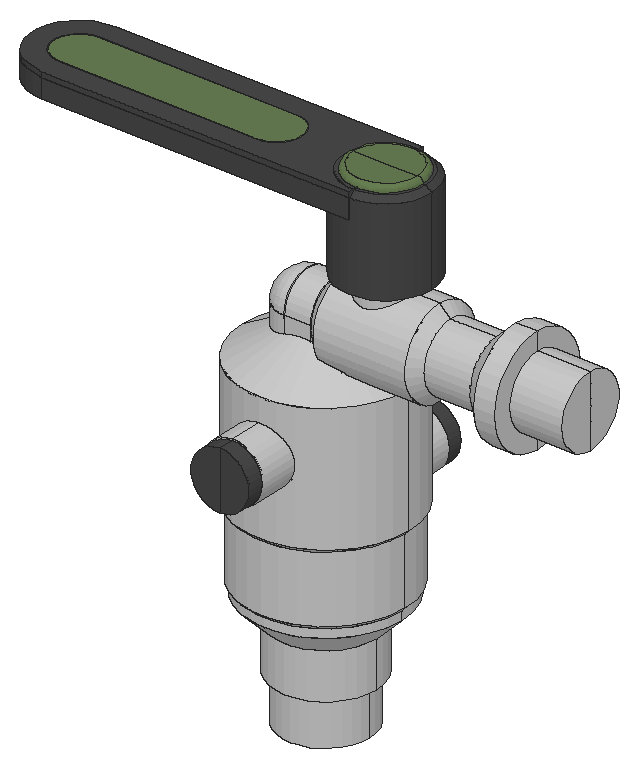
Revit family "Entnahmearmatur mit Systemtrenner 0300", category Rohrzubehör, Revit 2020
Family settings
  Bemaßung runder Anschluss = Durchmesser verwenden
  Teiletyp = Unterbricht
  OmniClass-Nummer = 23.65.55.14
  OmniClass-Titel = Valves for Liquid Services
  Arbeitsebenenbasiert = Nein
  Immer vertikal = Ja
  Beim Laden mit Abzugskörper schneiden = Nein
  Gemeinsam genutzt = Nein
Parameters (values of type "DN20 auf DN25")
  Vorgabe-Ansicht = 0.000 mm
  Max. zulässige Betriebstemperatur (kurzzeitig) = 80 °C  # constant formula
  Max. Betriebstemperatur = 65 °C  # constant formula
  W02 = 60.00°  # constant formula
  W01 = 45.00°  # constant formula
  URL = "www.herz-armaturen.at"
  Systemtrenner-Kartusche = "hochwertiger, kalkabweisender Kunststoff"  # constant formula
  STL02 = 37.500 mm  # constant formula
  STL01 = 33.000 mm  # constant formula
  STD02 = 8.200 mm  # constant formula
  STD01 = 8.500 mm  # constant formula
  SCTWSEQ = "AW;SBT_TYP_AW=\"104\";2"
  SCTWCODE = "04;12;02"  # constant formula
  S05 = R03 - 2.000 mm  # 10.400 mm
  S04 = 33.000 mm  # constant formula
  S03 = 25.000 mm  # constant formula
  S02 = 45.000 mm  # constant formula
  S01 = 13.000 mm  # constant formula
  R09 = 13.000 mm  # constant formula
  R05 = 8.000 mm  # constant formula
  R04 = 8.500 mm  # constant formula
  R03 = 12.400 mm  # constant formula
  R02 = 9.500 mm  # constant formula
  R01 = 15.000 mm  # constant formula
  NennweiteEin [instance] = if([15_20], 15.000 mm, if([20_20], 20.000 mm, if([20_25], 20.000 mm, 0.000 mm)))  # 20.000 mm
  NennweiteAus [instance] = if([15_20], 20.000 mm, if([20_20], 20.000 mm, if([20_25], 25.000 mm, 0.000 mm)))  # 25.000 mm
  Nenndruck = 1000000.0 Pa  # constant formula
  Medium = "Wasser (ohne Dampf)"  # constant formula
  LO01 = 34.500 mm  # constant formula
  L11 = 77.500 mm  # constant formula
  L10 = 57.500 mm  # constant formula
  L09 = 58.000 mm  # constant formula
  L08 = 2.500 mm  # constant formula
  L07 = 26.000 mm  # constant formula
  L06 = 6.000 mm  # constant formula
  L05 = 15.000 mm  # constant formula
  L04 = 5.000 mm  # constant formula
  L03 = 100.000 mm  # constant formula
  L02 = 58.000 mm  # constant formula
  L01 = 75.000 mm  # constant formula
  Hinweis = "Gemäß Art 33 der REACH-Verordnung (EG Nr. 1907/2006) sind wir verpflichtet, darauf hinzuweisen, dass der Stoff Blei auf der SVHC-Liste geführt wird und dass alle aus Messing bestehenden Bauteile, die in unseren Erzeugnissen verarbeitet sind, mehr als 0,1 % (w/w) Blei (CAS: 7439-92-1 / EINECS: 231-100-4) enthalten.\r\nDa Blei als Legierungsbestandteil fest gebunden ist, sind keine Expositionen zu erwarten und daher sind keine zusätzlichen Angaben zur sicheren Verwendung notwendig."
  Hersteller = "HERZ Armaturen Ges.m.b.H."  # constant formula
  H08 = 15.000 mm  # constant formula
  H07 = 36.000 mm  # constant formula
  H06 = 19.000 mm  # constant formula
  H05 = 2.500 mm  # constant formula
  H04 = 13.000 mm  # constant formula
  H03 = 13.000 mm  # constant formula
  H02 = 105.000 mm  # constant formula
  H01 = 146.000 mm - H02  # 41.000 mm
  Gehäuse = "Pressmessing (CW617N), verchromt"  # constant formula
  Einbaulage = "senkrecht"  # constant formula
  Dichtungen = "EPDM"  # constant formula
  Bestellnummer = if([15_20], "I030001", if([20_20], "I030002", if([20_25], "I030012", "0")))  # "I030012"
  20_25 = yes
  20_20 = no
  15_20 = no
  D05 = 14.500 mm  # constant formula
  D04 = 21.500 mm  # constant formula
  D03 = 22.500 mm  # constant formula
  D02 = 7.000 mm  # constant formula
  D01 = 23.500 mm  # constant formula
  Ausführung = "Der in dieser Entnahmearmatur integrierte Systemtrenner BA wurde nach der Norm DIN EN 1717 entwickelt.\r\nLaut dieser Norm ist die Wasserqualität je nach Grad der Verschmutzung in 5 Klassen eingeteilt.\r\nDer Systemtrenner Typ BA erlaubt Absicherung gegen Nichttrinkwasser bis zur Gefahrenklasse 4, der höchsten Gefahrenklasse, die mit einer Armatur abgesichert werden kann.\r\nDer Einbau eines Schmutzfängers vor dem Systemtrenner hilft, um eine dauerhafte und einwandfreie Funktion zu gewährleisten.\r\nDiese Armatur kann nur senkrecht montiert werden."
  Anwendung = "Diese Entnahmearmatur mit integriertem Systemtrenner (BA) ist zum Einbau über einem Entwässerungsgegenstand oder zum Einbau im Freien (z.B.: als Gartenventil) konzipiert.\r\nDie Armatur besteht aus einem eingangsseitigen Kugelhahn und einem nachgeschalteten Systemtrenner Typ BA nach DIN EN 1717."
  AGein [instance] = NennweiteEin / 2  # 10.000 mm
  AGaus [instance] = NennweiteAus / 2  # 12.500 mm
Types (4, lengths in mm): name | NennweiteEin | NennweiteAus | Bestellnummer | 20_25 | 20_20 | 15_20 | AGein | AGaus
  (no name) | 20.000 | 25.000 | "I030012" | yes | no | no | 10.000 | 12.500
  DN15 auf DN20 | 15.000 | 20.000 | "I030001" | no | no | yes | 7.500 | 10.000
  DN20 auf DN20 | 20.000 | 20.000 | "I030002" | no | yes | no | 10.000 | 10.000
  DN20 auf DN25 | 20.000 | 25.000 | "I030012" | yes | no | no | 10.000 | 12.500
Reference planes
  plane 1 "Mitte (Vorne/hinten)": y = 0
  plane 2: z = 0
  plane 3 "Mitte (Links/rechts)": x = 0
Forms (mm)
  Revolve 1, solid, material "Messing, vernickelt", detail levels fine
    sketch origin (0, 0, -213.5) x (1, 0, 0) y (0, 0, 1)
      loop
        line (0, 108.5) -> (0, 213.5) -> (-7, 213.5) -> (-7, 210.526) -> (-23.5, 201) -> (-23.5, 165) -> (-22.5, 164) -> (-22.5, 145) -> (-21.5, 144) -> (-21.5, 141.5) -> (-14.5, 134.5) -> (-14.5, 121.5) -> (-12.5, 121.5) -> (-12.5, 108.5) -> (0, 108.5)
      axis (0, 213.5) -> (0, 108.5)
    angle from 0 to 360
  Revolve 2, solid, material "Messing, vernickelt", detail levels fine
    sketch origin (0, 0, 0) x (1, 0, 0) y (0, 0, 1)
      loop
        line (2.5, 0) -> (75, 0) -> (75, 10) -> (60, 10) -> (60, 15) -> (54, 15) -> (48.5, 9.5) -> (35.3, 9.5) -> (32.4, 12.4) -> (6.4, 12.4) -> (2.5, 8.5) -> (2.5, 0)
      axis (2.5, 0) -> (75, 0)
    angle from 0 to 360
  Extrusion 3, solid, material "Messing, vernickelt", detail levels fine
    sketch origin (0, 0, 0) x (0, 1, 0) y (0, 0, 1)
      loop
        arc (8.5, 0) -> (0, 8.5) -> (-8.5, 0) r 8.5
        line (-8.5, 0) -> (-8.5, -12.5) -> (8.5, -12.5) -> (8.5, 0)
    from 2.5 to -5
  Extrusion 4, solid, material "Messing, vernickelt", detail levels fine
    sketch origin (0, 0, 0) x (1, 0, 0) y (0, 1, 0)
      loop
        circle (-5, 0) r 8.5
    from -20 to 0
  Revolve 5, solid, material "Messing, vernickelt", detail levels fine
    sketch origin (0, 0, 0) x (1, 0, 0) y (0, 1, 0)
      loop
        arc (-5, 8.5) -> (-11.01, 6.01) -> (-13.5, 0) r 8.5
        line (-13.5, 0) -> (-5, 0) -> (-5, 8.5)
      axis (-5, 0) -> (-13.5, 0)
    angle from 0 to 360
  Revolve 6, solid, material "Messing, vernickelt", detail levels fine
    sketch origin (0, 0, 0) x (1, 0, 0) y (0, 0, 1)
      loop
        line (17, 0) -> (25, 0) -> (25, 15) -> (17, 15) -> (17, 0)
      axis (17, 15) -> (17, 0)
    angle from 0 to 360
  Revolve 7, solid, material "Kunststoff SCHWARZ", detail levels fine
    sketch origin (0, 0, 0) x (1, 0, 0) y (0, 0, 1)
      loop
        line (17, 15) -> (30, 15) -> (30, 39.5) -> (28.5, 41) -> (17, 41) -> (17, 15)
      axis (17, 15) -> (17, 41)
    angle from 0 to 360
  Revolve 8, solid, material "Kunststoff GRÜN", detail levels fine
    sketch origin (0, 0, 0) x (1, 0, 0) y (0, 0, 1)
      loop
        line (17, 42.5) -> (17, 41) -> (27.5, 41)
        arc (27.5, 41) -> (27.061, 42.061) -> (26, 42.5) r 1.5
        line (26, 42.5) -> (17, 42.5)
      axis (17, 42.5) -> (17, 41)
    angle from 0 to 360
  Extrusion 9, solid, material "Kunststoff SCHWARZ", detail levels fine
    sketch origin (0, 0, 0) x (1, 0, 0) y (0, 1, 0)
      loop
        line (17, 13) -> (-70, 13)
        arc (-70, 13) -> (-83, 0) -> (-70, -13) r 13
        line (-70, -13) -> (17, -13) -> (17, 13)
    from 34 to 39.5
  Extrusion 10, solid, material "Kunststoff SCHWARZ", detail levels fine
    sketch origin (0, 0, 0) x (1, 0, 0) y (0, 1, 0)
      loop
        line (17, 13) -> (-70, 13)
        arc (-70, 13) -> (-83, 0) -> (-70, -13) r 13
        line (-70, -13) -> (17, -13) -> (17, 13)
      loop
        arc (-70, 7) -> (-77, 0) -> (-70, -7) r 7
        line (-70, -7) -> (-14, -7)
        arc (-14, -7) -> (-7, 0) -> (-14, 7) r 7
        line (-14, 7) -> (-70, 7)
    from 39.5 to 41
  Extrusion 11, solid, material "Kunststoff GRÜN", detail levels fine
    sketch origin (0, 0, 0) x (1, 0, 0) y (0, 1, 0)
      loop
        arc (-70, 7) -> (-77, 0) -> (-70, -7) r 7
        line (-70, -7) -> (-14, -7)
        arc (-14, -7) -> (-7, 0) -> (-14, 7) r 7
        line (-14, 7) -> (-70, 7)
    from 39.5 to 41
  Revolve 12, solid, material "Messing, vernickelt", detail levels fine
    sketch origin (0, 0, 0) x (0, 1, 0) y (0, 0, 1)
      loop
        line (0, -39) -> (0, -47.5) -> (33, -47.5) -> (33, -39) -> (0, -39)
      axis (33, -47.5) -> (0, -47.5)
    angle from 0 to 360
  Revolve 13, solid, material "Messing, vernickelt", detail levels fine
    sketch origin (0, 0, 0) x (0, -1, 0) y (0, 0, 1)
      loop
        line (0, -19) -> (0, -27.5) -> (33, -27.5) -> (33, -19) -> (0, -19)
      axis (33, -27.5) -> (0, -27.5)
    angle from 0 to 360
  Revolve 14, solid, material "Kunststoff SCHWARZ", detail levels fine
    sketch origin (0, 0, 0) x (0, 1, 0) y (0, 0, 1)
      loop
        line (-33, -27.5) -> (-33, -19.3) -> (-37.5, -19.3) -> (-37.5, -27.5) -> (-33, -27.5)
      axis (-33, -27.5) -> (-37.5, -27.5)
    angle from 0 to 360
  Revolve 15, solid, material "Kunststoff SCHWARZ", detail levels fine
    sketch origin (0, 0, 0) x (0, -1, 0) y (0, 0, 1)
      loop
        line (-33, -47.5) -> (-33, -39.3) -> (-37.5, -39.3) -> (-37.5, -47.5) -> (-33, -47.5)
      axis (-33, -47.5) -> (-37.5, -47.5)
    angle from 0 to 360
Lines and regions (mm)
  model lines, detail levels coarse+medium
    curve 1: line (35.5, 0, 12.4) -> (35.5, 0, -12.4)
    curve 2: line (35.5, 0, -12.4) -> (2.5, 0, 12.4)
    curve 3: line (2.5, 0, 12.4) -> (2.5, 0, -12.4)
    curve 4: line (2.5, 0, -12.4) -> (35.5, 0, 12.4)
    curve 5: circle (10.02, 0, 0) r 10.4 normal (0, -1, 0)
    curve 6: line (35.5, 0, 0) -> (75, 0, 0)
    curve 7: line (60, 0, 15) -> (60, 0, -15)
    curve 8: line (-23.5, 0, -12.4) -> (23.5, 0, -12.4)
    curve 9: line (-23.5, 0, -105) -> (-23.5, 0, -12.4)
    curve 10: line (23.5, 0, -105) -> (-23.5, 0, -105)
    curve 11: line (23.5, 0, -12.4) -> (23.5, 0, -105)
    curve 12: line (2.5, 0, 0) -> (0, 0, 0)
    curve 13: line (0, 0, 0) -> (0, 0, -12.4)
    curve 14: line (-10.5, 0, -105) -> (-10.5, 0, -80)
    curve 15: line (-10.5, 0, -57.4) -> (-10.5, 0, -12.4)
    curve 16: line (10.5, 0, -105) -> (10.5, 0, -80)
    curve 17: line (10.5, 0, -57.4) -> (10.5, 0, -12.4)
    curve 18: line (0, -23.5, -105) -> (0, 23.5, -105)
    curve 19: line (0, -23.5, -12.4) -> (0, -23.5, -105)
    curve 20: line (0, 23.5, -12.4) -> (0, -23.5, -12.4)
    curve 21: line (0, 23.5, -105) -> (0, 23.5, -12.4)
    curve 26: arc (0, -12.4, 0) -> (0, 0, 12.4) -> (0, 12.4, 0) r 12.4
  model lines
    curve 22: line (0, -10.5, -105) -> (0, -10.5, -80)
    curve 23: line (0, -10.5, -57.4) -> (0, -10.5, -12.4)
    curve 24: line (0, 10.5, -105) -> (0, 10.5, -80)
    curve 25: line (0, 10.5, -57.4) -> (0, 10.5, -12.4)
Dimensions and locks
  "H03": Revolve 1 sketch curve to Revolve 1 sketch curve
  "H04": Revolve 1 sketch curve to Revolve 1 sketch curve
  "H05": Revolve 1 sketch curve to Revolve 1 sketch curve
  "H06": Revolve 1 sketch curve to Revolve 1 sketch curve
  "H07": Revolve 1 sketch curve to Revolve 1 sketch curve
  "AGaus": Revolve 1 sketch curve to plane 3 "Mitte (Links/rechts)"
  "D01": Revolve 1 sketch curve to Revolve 1 sketch curve
  "D02": Revolve 1 sketch curve to Revolve 1 sketch curve
  "D05": Revolve 1 sketch curve to Revolve 1 sketch curve
  "D04": Revolve 1 sketch curve to Revolve 1 sketch curve
  "D03": Revolve 1 sketch curve to Revolve 1 sketch curve
  "H02": Revolve 1 sketch curve to Revolve 1 sketch curve
  "L01": Revolve 2 sketch curve to plane 3 "Mitte (Links/rechts)"
  "L05": Revolve 2 sketch curve to Revolve 2 sketch curve
  "L06": Revolve 2 sketch curve to Revolve 2 sketch curve
  "L07": Revolve 2 sketch curve to Revolve 2 sketch curve
  "AGein": Revolve 2 sketch curve to Revolve 2 sketch curve
  "R01": Revolve 2 sketch curve to Revolve 2 sketch curve
  "R02": Revolve 2 sketch curve to Revolve 2 sketch curve
  "R03": Revolve 2 sketch curve to Revolve 2 sketch curve
  "L08": Revolve 2 sketch curve to plane 3 "Mitte (Links/rechts)"
  "R04": Revolve 2 sketch curve to Revolve 2 sketch curve
  "H08": Revolve 6 sketch curve to plane 2
  "R05": Revolve 6 sketch curve to Revolve 6 sketch curve
  "L09": Revolve 6 sketch curve to Revolve 2
  "H08": Revolve 7 sketch curve to plane 2
  "R09": Revolve 7 sketch curve to Revolve 7 sketch curve
  "L02": Revolve 2 to Revolve 7 sketch curve
  "H01": Revolve 7 sketch curve to plane 2
  Revolve 7 sketch curve to Revolve 7 sketch curve = 11.500 mm
  "L02": Revolve 2 to Revolve 8 sketch curve
  Revolve 8 sketch curve to Revolve 7 = 1.500 mm
  "H01": Revolve 8 sketch curve to plane 2
  "L02": Extrusion 9 sketch curve to Revolve 2
  "R09": Extrusion 9 sketch curve to plane 1 "Mitte (Vorne/hinten)" to Extrusion 9 sketch curve
  "L03": Extrusion 9 sketch curve to Extrusion 9 sketch curve
  "L03": Extrusion 10 sketch curve to Extrusion 9
  "L02": Extrusion 10 sketch curve to Revolve 2
  "STL01": Revolve 12 sketch curve to plane 1 "Mitte (Vorne/hinten)"
  "STD01": Revolve 12 sketch curve to Revolve 12 sketch curve
  "L10": Revolve 1 to Revolve 12 sketch curve
  "STD01": Revolve 13 sketch curve to Revolve 13 sketch curve
  "STL01": plane 1 "Mitte (Vorne/hinten)" to Revolve 13 sketch curve
  "L11": Revolve 13 sketch curve to Revolve 1
  "STL01": plane 1 "Mitte (Vorne/hinten)" to Revolve 14 sketch curve
  "STL02": Revolve 13 to Revolve 14 sketch curve
  "STD02": Revolve 14 sketch curve to Revolve 14 sketch curve
  "L11": Revolve 1 to Revolve 14 sketch curve
  "D01": nested 1 to plane 3 "Mitte (Links/rechts)"
  "LO01": level to nested 1
  "STD02": Revolve 15 sketch curve to Revolve 15 sketch curve
  "L10": Revolve 15 sketch curve to Revolve 1
  "STL01": Revolve 15 sketch curve to plane 1 "Mitte (Vorne/hinten)"
  "STL02": Revolve 15 sketch curve to plane 1 "Mitte (Vorne/hinten)"
  "R03": curve 4 to plane 2 to curve 2
  "R03": curve 3 to plane 2 to curve 4
  "L08": plane 3 "Mitte (Links/rechts)" to curve 3
  "S04": curve 3 to curve 1
  "L01": curve 6 to plane 3 "Mitte (Links/rechts)"
  "R01": curve 7 to plane 2 to curve 7
  curve 7 to curve 6 = 15.000 mm
  "D01": curve 11 to plane 3 "Mitte (Links/rechts)" to curve 9
  "H02": plane 2 to curve 10
  "R03": plane 2 to curve 8
  "S01": curve 14 to curve 9
  "S01": curve 11 to curve 16
  "S01": curve 11 to curve 17
  "S01": curve 15 to curve 9
  "S02": curve 8 to curve 17
  "S02": curve 8 to curve 15
  "S03": curve 14 to curve 10
  "S03": curve 16 to curve 10
  "H02": plane 2 to curve 18
  "R03": plane 2 to curve 20
  "D01": curve 19 to plane 1 "Mitte (Vorne/hinten)" to curve 21
  "S01": curve 19 to curve 22
  "S01": curve 24 to curve 21
  "S01": curve 25 to curve 21
  "S01": curve 19 to curve 23
  "S03": curve 18 to curve 22
  "S03": curve 18 to curve 24
  "S02": curve 20 to curve 25
  "S02": curve 20 to curve 23
  "S05": radius of curve 5
  "R03": radius of curve 26
  "W01": angle Revolve 1 sketch curve to Revolve 1 sketch curve  (x3)
  "W02": angle Revolve 1 sketch curve to Revolve 1 sketch curve
  "W01": angle Revolve 2 sketch curve to Revolve 2 sketch curve  (x3)
  "W01": angle Revolve 7 sketch curve to Revolve 7 sketch curve
  aligned and locked: level to plane 2
Automatic sketch dimensions
  Extrusion 3 sketch curve to level = 0.000 mm  (x2)
  Extrusion 3 sketch curve to plane 1 "Mitte (Vorne/hinten)" = 0.000 mm
  plane 1 "Mitte (Vorne/hinten)" to Extrusion 3 sketch curve = 8.500 mm
  Extrusion 3 sketch curve to level = 12.500 mm
  plane 1 "Mitte (Vorne/hinten)" to Extrusion 4 sketch curve = 0.000 mm
  Extrusion 4 sketch curve to plane 3 "Mitte (Links/rechts)" = 5.000 mm
  Revolve 5 sketch curve to plane 1 "Mitte (Vorne/hinten)" = 0.000 mm
  plane 1 "Mitte (Vorne/hinten)" to Revolve 5 sketch curve = 0.000 mm
  Revolve 5 sketch curve to plane 3 "Mitte (Links/rechts)" = 13.500 mm
  Revolve 5 sketch curve to plane 3 "Mitte (Links/rechts)" = 5.000 mm
  Revolve 5 sketch curve to Revolve 5 sketch curve = 1986.500 mm
  plane 3 "Mitte (Links/rechts)" to Revolve 5 sketch curve = 2000.000 mm
  plane 1 "Mitte (Vorne/hinten)" to Extrusion 11 sketch curve = 0.000 mm
  Extrusion 11 sketch curve to plane 3 "Mitte (Links/rechts)" = 70.000 mm
  Extrusion 11 sketch curve to plane 1 "Mitte (Vorne/hinten)" = 7.000 mm
  Extrusion 11 sketch curve to plane 3 "Mitte (Links/rechts)" = 14.000 mm
  curve 26 to level = 0.000 mm
  curve 26 to plane 1 "Mitte (Vorne/hinten)" = 0.000 mm
  curve 12 to level = 0.000 mm
  curve 12 to plane 3 "Mitte (Links/rechts)" = 0.000 mm
  curve 5 to level = 0.000 mm
  curve 6 to level = 0.000 mm
  plane 3 "Mitte (Links/rechts)" to curve 3 = 2.500 mm
  curve 12 to curve 5 = 7.520 mm
  Revolve 1 sketch curve to level = 0.000 mm
  Revolve 1 sketch curve to plane 3 "Mitte (Links/rechts)" = 0.000 mm  (x2)
  Revolve 1 sketch curve to Revolve 1 sketch curve = 261.045 mm
  level to Revolve 1 sketch curve = 2214.315 mm
  Revolve 2 sketch curve to level = 0.000 mm  (x2)
  Revolve 2 sketch curve to plane 3 "Mitte (Links/rechts)" = 1506.530 mm
  Revolve 2 sketch curve to Revolve 2 sketch curve = 1764.148 mm
  Revolve 6 sketch curve to level = 0.000 mm  (x2)
  Revolve 6 sketch curve to Revolve 6 sketch curve = 0.000 mm  (x2)
  Revolve 7 sketch curve to Revolve 7 sketch curve = 0.000 mm  (x3)
  Revolve 8 sketch curve to Revolve 8 sketch curve = 9.000 mm
  Revolve 8 sketch curve to Revolve 8 sketch curve = 0.000 mm  (x3)
  Extrusion 9 sketch curve to Extrusion 9 sketch curve = 0.000 mm
  Extrusion 10 sketch curve to Extrusion 10 sketch curve = 0.000 mm  (x2)
  plane 1 "Mitte (Vorne/hinten)" to Extrusion 10 sketch curve = 0.000 mm
  Extrusion 10 sketch curve to plane 1 "Mitte (Vorne/hinten)" = 7.000 mm
  Extrusion 10 sketch curve to plane 3 "Mitte (Links/rechts)" = 14.000 mm
  Extrusion 10 sketch curve to Extrusion 10 sketch curve = 56.000 mm
  Revolve 12 sketch curve to plane 1 "Mitte (Vorne/hinten)" = 0.000 mm  (x2)
  Revolve 12 sketch curve to Revolve 12 sketch curve = 0.000 mm  (x2)
  Revolve 13 sketch curve to plane 1 "Mitte (Vorne/hinten)" = 0.000 mm  (x2)
  Revolve 13 sketch curve to Revolve 13 sketch curve = 0.000 mm  (x2)
  Revolve 14 sketch curve to Revolve 14 sketch curve = 0.000 mm  (x3)
  Revolve 15 sketch curve to Revolve 15 sketch curve = 0.000 mm  (x3)
  radius of Extrusion 4 sketch curve = 8.500 mm
Nested families
  nested 1: "Herz-Logo-vorne" at (-23.5, 0, -39), type "Herz-Logo-vorne", detail levels fine
Connectors
  piping at (0, 0, -105), diameter 25, driven by "NennweiteAus"
    settings: on Revolve 1, index 1, connector inside diameter 609.6 mm, connector length 0.000 mm, flow factor 0, pipe flow 0.0 L/s, pressure drop 0.0 Pa, fitting loss kfactor 0, connector angle 0.00°, fixture units 0, engagement length 0.000 mm, angle of deflection 0.00°, flow configuration 0, flow direction 2, fitting loss method 0, system type 29, joint type 0, gender type 0, connector reference index -1, connector utility 0, adjustable connector no, is connector primary yes, connector description ""
  piping at (75, 0, 0), diameter 20, driven by "NennweiteEin"
    settings: on Revolve 2, index 2, connector inside diameter 609.6 mm, connector length 0.000 mm, flow factor 0, pipe flow 0.0 L/s, pressure drop 0.0 Pa, fitting loss kfactor 0, connector angle 0.00°, fixture units 0, engagement length 0.000 mm, angle of deflection 0.00°, flow configuration 0, flow direction 1, fitting loss method 0, system type 29, joint type 0, gender type 0, connector reference index -1, connector utility 0, adjustable connector no, is connector primary no, connector description ""
Definition of nested family "Herz-Logo-vorne"
  Parameters (values of type "Herz-Logo-vorne")
    Default Elevation = 0.000 mm
  Reference planes
    plane 1 "Mitte (Vorne/hinten)": y = 0
    plane 2: z = 0
    plane 3 "Mitte (Links/rechts)": x = 0
  Forms (mm)
    Extrusion 1, solid
      sketch origin (0.732, -0.018, 0.017) x (0, -1, 0) y (0, 0, 1)
        loop
          line (-0.018, -4.517) -> (4.482, -4.517) -> (4.482, 4.483) -> (-4.518, 4.483) -> (-4.518, -4.517) -> (-0.018, -4.517)
        loop
          line (-0.05, -3.48) -> (3.482, -3.48) -> (3.482, 3.483) -> (-3.518, 3.483) -> (-3.518, -3.48) -> (-0.05, -3.48)
        loop
          arc (-0.018, 2.383) -> (-1.543, 3.287) -> (-3.067, 2.383) r 1.738
          arc (-3.067, 2.383) -> (-3.191, 1.899) -> (-3.067, 1.415) r 1.009
          line (-3.067, 1.415) -> (-0.018, -3.281) -> (3.032, 1.415)
          arc (3.032, 1.415) -> (3.156, 1.899) -> (3.032, 2.383) r 1.009
          arc (3.032, 2.383) -> (1.507, 3.287) -> (-0.018, 2.383) r 1.738
        loop
          arc (1.885, 1.272) -> (2.005, 1.675) -> (1.885, 2.079) r 0.74
          arc (1.885, 2.079) -> (1.265, 2.416) -> (0.644, 2.079) r 0.74
          line (0.644, 2.079) -> (-0.018, 0.97) -> (-0.679, 2.079)
          arc (-0.679, 2.079) -> (-1.3, 2.416) -> (-1.921, 2.079) r 0.74
          arc (-1.921, 2.079) -> (-2.04, 1.675) -> (-1.921, 1.272) r 0.74
          line (-1.921, 1.272) -> (-0.018, -1.658) -> (1.885, 1.272)
      from 0 to 1.5
  Dimensions and locks
    aligned and locked: level to plane 2
